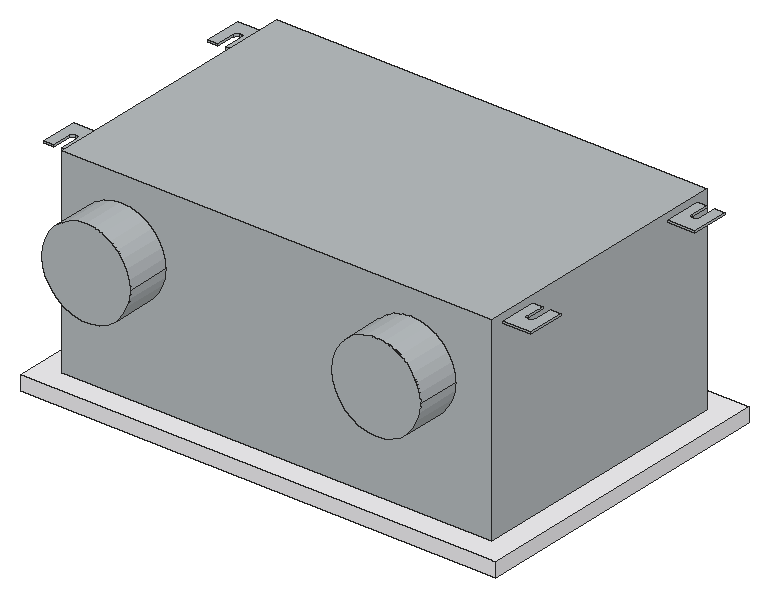
Revit family "sku-25_65ac_50Hz", category 機械設備, Revit 2019
Family settings
  丸型コネクタ寸法 = 直径を使用
  パーツ タイプ = 標準
  OmniClass 番号 = 23.75.10.34.21
  OmniClass タイトル = Heat Exchangers for Ventilation Air
  作業面ベース = いいえ
  常に垂直 = はい
  ロード時にボイドで切り取り = いいえ
  共有 = いいえ
  部屋計算ポイント = はい
Parameters (values of type "SKU-25AC")
  騒音レベル(dB(A)) = 33
  風量 = 250.0 m³/h
  面風速 = 3.93 m/s
  電源種別 [instance] = "一般"
  電圧 = 100 V
  電動機出力 = 0 W
  集中コントローラ = ""
  運転質量 = 0.00 kg
  連動 [instance] = ""
  質量 = if(製品質量 > 運転質量, 製品質量, 運転質量) * 1.2  # 16.80 kg
  負荷分類 = 3_ファン類
  説明 = "店舗用ロスナイ 全カセット形"
  設計風量 = 0.0 m³/h
  設置方法 = "カセット形"
  記号 [instance] = ""
  製造元 = "三菱電機株式会社"
  製品質量 = 14.00 kg
  製品出荷対象 = "国内"
  製品リリース年月 = "2003/5/1"
  製品グループ = ""
  系統 [instance] = ""
  符号 = "HEU"
  積算_科目 = "1 空気調和設備"
  積算_拾い区分 [instance] = ""
  相 = 1
  盤記号 [instance] = ""
  発停方法 [instance] = "別売スイッチ"
  特殊仕様 [instance] = ""
  火災停止 [instance] = ""
  温度交換効率 = 58.00%
  消費電力 = 83 W
  法定耐用年数 = "15"
  機外静圧_排気 = 0.0 Pa
  機外静圧 = 0.0 Pa
  構成部品 = "パネル"
  極数 = 2
  材質 [instance] = ""
  本体マテリアル = 溶融亜鉛めっき鋼板
  操作・制御方式 = ""
  操作・制御スイッチ = ""
  排気量 = 0.0 m³/h
  形式 = "カセット形"
  幹線記号 [instance] = ""
  対象室 [instance] = ""
  実風量 = 0.0 m³/h
  始動方式 [instance] = "直入"
  天吊金具_径 = 6.5 mm
  天吊金具_幅 = 30 mm
  外気量 = 0.0 m³/h
  呼称 = "全熱交換ユニット"
  周波数 = 50 Hz
  天吊金具ピッチ2 = 330 mm
  天吊金具ピッチ1 = 736 mm
  天吊金具_高さ = 10 mm
  参照している仕様書等のバージョン = ""
  初期抵抗 = 0.0 Pa
  分類コード = "50052504100080"
  分類グループ = ""
  価格 = 113000
  企業コード = "108420"
  付属品_フィルター_還気 = ""
  付属品_フィルター = ""
  付属品 [instance] = ""
  仕様書バージョン = "Version1.0"
  モデル = "SKU-25AC"
  パネルマテリアル = 樹脂成形
  コメント [instance] = ""
  Keynote = ""
  エンタルピ交換効率_暖房 = 44.00%
  エンタルピ交換効率_冷房 = 38.00%
  Assembly Code = ""
  Width = 690 mm
  Version = ""
  Uniclass2015Version = "Systems v1.9"
  Uniclass2015Title = "Thermal wheels"
  Uniclass2015Code = "Pr_60_60_36_88"
  URL = "https://www.mitsubishielectric.co.jp/ldg/wink/ssl/displayProduct.do?pid=42639"
  SpecificationReference = ""
  SpecificationDescription = ""
  Duct_W = 130 mm
  SAサイズ_D = 0 mm
  Revision = ""
  RAサイズ_D = 0 mm
  ProductInformation = ""
  OmniClassCode = "23-27 23 19 11"
  OAサイズ_W = 0 mm
  OAサイズ_D = 142 mm
  MIN風量 = 160.0 m³/h
  MIN静圧 = 0.0 Pa
  MAX風量 = 250.0 m³/h
  MAX静圧 = 0.0 Pa
  IfcTypeProduct = ""
  IfcProduct = ""
  IfcExportType = "ROTARYWHEEL"
  IfcExportAs = "IfcAirToAirHeatRecoveryType"
  Height = 318 mm
  EAサイズ_W = 0 mm
  EAサイズ_D = 142 mm
  Duct_Pitch = 465 mm
  Duct_Height = 111 mm
  Duct_Depth = 70 mm
  Depth = 430 mm
  Panel_Width = 763 mm
  Panel_Height = 23 mm
  Panel_Depth = 506 mm
  Author = "三菱電機株式会社"
Types (4, lengths in mm): name | 騒音レベル(dB(A)) | 風量 | 面風速 | 質量 | 製品質量 | 温度交換効率 | 消費電力 | 天吊金具ピッチ2 | 天吊金具ピッチ1 | 価格 | モデル | エンタルピ交換効率_暖房 | エンタルピ交換効率_冷房 | Width | URL | Duct_W | OAサイズ_D | MIN風量 | MAX風量 | Height | EAサイズ_D | Duct_Pitch | Duct_Height | Duct_Depth | Depth | Panel_Width | Panel_Depth
  SKU-25AC | 33 | 250.0 m³/h | 3.93 m/s | 16.80 kg | 14.00 kg | 58.00% | 83 W | 330 | 736 | 113000 | "SKU-25AC" | 44.00% | 38.00% | 690 | "https://www.mitsubishielectric.co.jp/ldg/wink/ssl/displayProduct.do?pid=42639" | 130 | 142 | 160.0 m³/h | 250.0 m³/h | 318 | 142 | 465 | 111 | 70 | 430 | 763 | 506
  SKU-35AC | 38 | 350.0 m³/h | 5.5 m/s | 17.40 kg | 14.50 kg | 51.00% | 110 W | 330 | 736 | 130000 | "SKU-35AC" | 37.00% | 31.00% | 690 | "https://www.mitsubishielectric.co.jp/ldg/wink/ssl/displayProduct.do?pid=42640" | 130 | 142 | 210.0 m³/h | 350.0 m³/h | 318 | 142 | 465 | 111 | 70 | 430 | 763 | 506
  SKU-50AC | 39 | 500.0 m³/h | 4.42 m/s | 29.40 kg | 24.50 kg | 56.00% | 163 W | 420 | 926 | 167000 | "SKU-50AC" | 43.00% | 36.00% | 880 | "https://www.mitsubishielectric.co.jp/ldg/wink/ssl/displayProduct.do?pid=42641" | 139 | 192 | 320.0 m³/h | 500.0 m³/h | 390 | 192 | 600 | 142 | 85 | 520 | 955 | 596
  SKU-65AC | 42 | 650.0 m³/h | 5.75 m/s | 29.40 kg | 24.50 kg | 53.00% | 209 W | 420 | 926 | 190000 | "SKU-65AC" | 39.00% | 33.00% | 880 | "https://www.mitsubishielectric.co.jp/ldg/wink/ssl/displayProduct.do?pid=42642" | 139 | 192 | 410.0 m³/h | 650.0 m³/h | 390 | 192 | 600 | 142 | 85 | 520 | 955 | 596
Reference planes
  plane 1 "中心(正面/背面)": y = 0
  plane 2: z = 0
  plane 3 "中心(左/右)": x = 0
  plane 4: x = -345
  plane 5: x = 345
  plane 6: y = 215
  plane 7: y = -215
  plane 8: z = 207
  plane 9: x = -250
  plane 10: x = 215
  plane 11: y = -285
  plane 12: x = -368
  plane 13: x = 368
  plane 14: y = 165
  plane 15: y = -165
  plane 16: y = 195
  plane 17: y = 135
  plane 18: y = -135
  plane 19: y = -195
  plane 20: z = 308
  plane 21: z = 305
  plane 22: x = -381.5
  plane 23: y = 253
  plane 24: y = -253
  plane 25: x = 381.5
  plane 26: z = -23
  plane 27: x = -390.5
  plane 28: x = 390.5
  plane 29: z = 318
Forms (mm)
  Extrusion 1, solid, material "溶融亜鉛めっき鋼板" <- "本体マテリアル", detail levels fine
    sketch origin (0, 0, 0) x (1, 0, 0) y (0, 1, 0)
      loop
        line (-345, 215) -> (-345, -215) -> (345, -215) -> (345, 215) -> (-345, 215)
    from 318 to 0
  Extrusion 2, solid, material "溶融亜鉛めっき鋼板" <- "本体マテリアル", detail levels fine
    sketch origin (510, -445, 0) x (-1, 0, 0) y (0, 0, -1)
      loop
        circle (295, -207) r 71
    from -230 to -160
  Extrusion 3, solid, material "溶融亜鉛めっき鋼板" <- "本体マテリアル", detail levels fine
    sketch origin (-510, -445, 0) x (1, 0, 0) y (0, 0, 1)
      loop
        circle (260, 207) r 71
    from -230 to -160
  Extrusion 4, solid, material "樹脂成形" <- "パネルマテリアル"
    sketch origin (0, 0, 0) x (1, 0, 0) y (0, 1, 0)
      loop
        line (-381.5, 253) -> (-381.5, -253) -> (381.5, -253) -> (381.5, 253) -> (-381.5, 253)
    from -23 to 0
  Extrusion 5, solid, material "溶融亜鉛めっき鋼板"
    sketch origin (0, 0, 0) x (1, 0, 0) y (0, 1, 0)
      loop
        line (-345, 195) -> (-390.5, 195) -> (-390.5, 135) -> (-374.5, 135) -> (-374.5, 165)
        arc (-374.5, 165) -> (-368, 171.5) -> (-361.5, 165) r 6.5
        line (-361.5, 165) -> (-361.5, 135) -> (-345, 135) -> (-345, 195)
    from 305 to 308
  Extrusion 6, solid, material "溶融亜鉛めっき鋼板"
    sketch origin (0, 0, 0) x (1, 0, 0) y (0, 1, 0)
      loop
        line (-345, -135) -> (-390.5, -135) -> (-390.5, -195) -> (-374.5, -195) -> (-374.5, -165)
        arc (-374.5, -165) -> (-368, -158.5) -> (-361.5, -165) r 6.5
        line (-361.5, -165) -> (-361.5, -195) -> (-345, -195) -> (-345, -135)
    from 305 to 308
  Extrusion 7, solid, material "溶融亜鉛めっき鋼板"
    sketch origin (0, 0, 0) x (-1, 0, 0) y (0, -1, 0)
      loop
        line (-345, 195) -> (-390.5, 195) -> (-390.5, 135) -> (-374.5, 135) -> (-374.5, 165)
        arc (-374.5, 165) -> (-368, 171.5) -> (-361.5, 165) r 6.5
        line (-361.5, 165) -> (-361.5, 135) -> (-345, 135) -> (-345, 195)
    from 305 to 308
  Extrusion 8, solid, material "溶融亜鉛めっき鋼板"
    sketch origin (0, 420, 0) x (-1, 0, 0) y (0, -1, 0)
      loop
        line (-345, 285) -> (-390.5, 285) -> (-390.5, 225) -> (-374.5, 225) -> (-374.5, 255)
        arc (-374.5, 255) -> (-368, 261.5) -> (-361.5, 255) r 6.5
        line (-361.5, 255) -> (-361.5, 225) -> (-345, 225) -> (-345, 285)
    from 305 to 308
Lines and regions (mm)
  Masking region 1, detail levels coarse+medium
    outline origin (1326.5, 29, 0) x (1, 0, 0) y (0, 1, 0)
      loop
        line (-1671.5, 186) -> (-1671.5, -244) -> (-981.5, -244) -> (-981.5, 186) -> (-1671.5, 186)
  symbolic lines, detail levels coarse+medium
    curve 1: line (0, 215, 0) -> (-345, 0, 0)
    curve 2: line (-345, 0, 0) -> (0, -215, 0)
    curve 3: line (0, -215, 0) -> (345, 0, 0)
    curve 4: line (345, 0, 0) -> (0, 215, 0)
Dimensions and locks
  equal spacing: plane 4, plane 3 "中心(左/右)", plane 5
  "Width": plane 4 to plane 5
  equal spacing: plane 6, plane 1 "中心(正面/背面)", plane 7
  "Depth": plane 6 to plane 7
  "Duct_Pitch": plane 10 to plane 9
  "Duct_Depth": plane 7 to plane 11
  equal spacing: plane 12, plane 3 "中心(左/右)", plane 13
  "天吊金具ピッチ1": plane 12 to plane 13
  equal spacing: plane 14, plane 1 "中心(正面/背面)", plane 15
  "天吊金具ピッチ2": plane 14 to plane 15
  equal spacing: plane 16, plane 14, plane 17
  locked: plane 20 to plane 21 at 3
  equal spacing: plane 23, plane 1 "中心(正面/背面)", plane 24
  "Panel_Depth": plane 23 to plane 24
  "Panel_Width": plane 22 to plane 25
  "Duct_W": plane 5 to plane 10
  equal spacing: plane 18, plane 15, plane 19
  "天吊金具_幅": plane 15 to plane 19
  "天吊金具_幅": plane 14 to plane 17
  locked: plane 27 to plane 12 at 22.5
  locked: plane 13 to plane 28 at 22.5
  "Height": plane 29 to level
  "天吊金具_高さ": plane 29 to plane 20
  "Duct_Height": plane 29 to plane 8
  "Panel_Height": level to plane 26
  equal spacing: plane 22, plane 3 "中心(左/右)", plane 25
  "EAサイズ_D": diameter of Extrusion 3 sketch curve
  "天吊金具_径": radius of Extrusion 5 sketch curve
  "天吊金具_径": radius of Extrusion 6 sketch curve
  "天吊金具_径": radius of Extrusion 7 sketch curve
  "天吊金具_径": radius of Extrusion 8 sketch curve
  "OAサイズ_D": diameter of Extrusion 2 sketch curve
  aligned and locked: level to plane 2
  aligned and locked: plane 7 to Extrusion 2
  aligned and locked: Extrusion 2 to plane 11
  aligned and locked: Masking region 1 to plane 4
  aligned and locked: plane 5 to Masking region 1
  aligned and locked: plane 6 to Masking region 1
  aligned and locked: Masking region 1 to plane 7
  aligned and locked: plane 13 to nested 1
  aligned and locked: plane 12 to nested 1
  aligned and locked: nested 1 to plane 15
  aligned and locked: plane 14 to nested 1
  aligned and locked: Extrusion 3 to plane 11
  aligned and locked: plane 7 to Extrusion 3
  aligned and locked: Extrusion 4 sketch curve to plane 23
  aligned and locked: plane 22 to Extrusion 4 sketch curve
  aligned and locked: plane 24 to Extrusion 4 sketch curve
  aligned and locked: Extrusion 4 sketch curve to plane 25
  aligned and locked: Extrusion 4 to plane 26
  aligned and locked: plane 4 to Extrusion 5 sketch curve
  aligned and locked: plane 16 to Extrusion 5 sketch curve
  aligned and locked: Extrusion 5 sketch curve to plane 27
  aligned and locked: Extrusion 5 sketch curve to plane 17  (x2)
  aligned and locked: plane 18 to Extrusion 6 sketch curve
  aligned and locked: plane 4 to Extrusion 6 sketch curve
  aligned and locked: Extrusion 6 sketch curve to plane 27
  aligned and locked: Extrusion 6 sketch curve to plane 19  (x2)
  aligned and locked: Extrusion 7 sketch curve to plane 19
  aligned and locked: Extrusion 7 sketch curve to plane 5
  aligned and locked: Extrusion 7 sketch curve to plane 28
  aligned and locked: Extrusion 8 sketch curve to plane 28
  aligned and locked: Extrusion 8 sketch curve to plane 17
  aligned and locked: Extrusion 8 sketch curve to plane 5
  aligned and locked: plane 16 to Extrusion 8 sketch curve  (x2)
  aligned and locked: Extrusion 6 to plane 21
  aligned and locked: plane 20 to Extrusion 6
  aligned and locked: Extrusion 5 to plane 21
  aligned and locked: plane 20 to Extrusion 5
  aligned and locked: Extrusion 7 to plane 21
  aligned and locked: plane 20 to Extrusion 7
  aligned and locked: Extrusion 8 to plane 21
  aligned and locked: plane 20 to Extrusion 8
  aligned and locked: Extrusion 1 to plane 29
  aligned and locked: Extrusion 1 to level
  aligned and locked: level to Extrusion 4
Automatic sketch dimensions
  plane 1 "中心(正面/背面)" to curve 1 = 0 mm
  curve 1 to plane 4 = 0 mm
  curve 2 to plane 3 "中心(左/右)" = 0 mm
  curve 4 to plane 3 "中心(左/右)" = 0 mm
  plane 1 "中心(正面/背面)" to curve 4 = 0 mm
  curve 4 to plane 5 = 0 mm
  curve 2 to plane 7 = 0 mm
  curve 4 to plane 6 = 0 mm
  Extrusion 1 sketch curve to plane 4 = 0 mm
  Extrusion 1 sketch curve to plane 5 = 0 mm
  Extrusion 1 sketch curve to plane 7 = 0 mm
  Extrusion 1 sketch curve to plane 6 = 0 mm
  Extrusion 2 sketch curve to plane 8 = 0 mm
  Extrusion 2 sketch curve to plane 10 = 0 mm
  Masking region 1 sketch curve to plane 4 = 0 mm
  Masking region 1 sketch curve to plane 5 = 0 mm
  Masking region 1 sketch curve to plane 7 = 0 mm
  Masking region 1 sketch curve to plane 6 = 0 mm
  Extrusion 5 sketch curve to plane 14 = 0 mm
  Extrusion 5 sketch curve to plane 12 = 0 mm
  Extrusion 6 sketch curve to plane 15 = 0 mm
  Extrusion 6 sketch curve to plane 12 = 0 mm
  Extrusion 7 sketch curve to plane 18 = 0 mm  (x2)
  Extrusion 7 sketch curve to plane 15 = 0 mm
  Extrusion 7 sketch curve to plane 13 = 0 mm
  Extrusion 8 sketch curve to plane 14 = 0 mm
  Extrusion 8 sketch curve to plane 13 = 0 mm
  Extrusion 3 sketch curve to plane 8 = 0 mm
  Extrusion 3 sketch curve to plane 9 = 0 mm
Nested families
  nested 1: "固定点" at (-368, -165, 0), type "固定点"
    with W 736 mm, D 330 mm
Connectors
  hvac at (215, -285, 207), driven by "OAサイズ_D", driven by "機外静圧", driven by "風量"
    settings: on Extrusion 2, index 2, duct flow 250.0 m³/h, flow factor 0, pres drop 0.0 Pa, loss coef 0, conn angle 0.00°, conn width 304.8 mm, conn height 304.8 mm, conn diameter 142 mm, duct sys type 4, conn prof type 0, flow config 0, flow direction 1, loss method 4, conn ref index -1, conn util no, is conn primary no, conn desc ""
  hvac at (-250, -285, 207), driven by "EAサイズ_D", driven by "風量", driven by "機外静圧"
    settings: on Extrusion 3, index 10, duct flow 250.0 m³/h, flow factor 0, pres drop 0.0 Pa, loss coef 0, conn angle 0.00°, conn width 304.8 mm, conn height 304.8 mm, conn diameter 142 mm, duct sys type 3, conn prof type 0, flow config 0, flow direction 2, loss method 4, conn ref index -1, conn util no, is conn primary yes, conn desc ""
  electrical at (0, 0, 318), driven by "極数", driven by "負荷分類", driven by "電圧", driven by "消費電力"
    settings: on Extrusion 1, index 11, voltage 100 V, apparent load 83 VA, apparent load phase1 0 VA, apparent load phase2 0 VA, apparent load phase3 0 VA, power factor 1, load classification "3_ファン類", number of poles 2, system type 30, power factor state 1, is connector primary yes, connector utility no, sub classification motor no, connector description ""
Definition of nested family "固定点"
  Parameters (values of type "固定点")
    中心円 = 20 mm
    W [instance] = 1000 mm
    D [instance] = 1000 mm
  Reference planes
    plane 1 "中心(正面/背面)": y = 0
    plane 2: z = 0
    plane 3 "中心(左/右)": x = 0
    plane 4: x = 1000
    plane 5: y = 1000
  Lines and regions (mm)
    symbolic lines, detail levels fine
      curve 1: circle (0, 1000, 0) r 10 normal (0, 0, 1)
      curve 2: circle (0, 0, 0) r 10 normal (0, 0, 1)
      curve 3: circle (1000, 1000, 0) r 10 normal (0, 0, 1)
      curve 4: circle (1000, 0, 0) r 10 normal (0, 0, 1)
      curve 5: line (-200, 1000, 0) -> (1200, 1000, 0)
      curve 6: line (-200, 0, 0) -> (1200, 0, 0)
      curve 7: line (0, 1200, 0) -> (0, -200, 0)
      curve 8: line (1000, 1200, 0) -> (1000, -200, 0)
  Dimensions and locks
    "W": plane 3 "中心(左/右)" to plane 4
    "D": plane 1 "中心(正面/背面)" to plane 5
    "中心円": diameter of curve 1
    "中心円": diameter of curve 2
    "中心円": diameter of curve 3
    "中心円": diameter of curve 4
    aligned and locked: level to plane 2
    aligned and locked: plane 5 to curve 1
    aligned and locked: plane 3 "中心(左/右)" to curve 1
    aligned and locked: plane 3 "中心(左/右)" to curve 2
    aligned and locked: plane 1 "中心(正面/背面)" to curve 2
    aligned and locked: plane 4 to curve 3
    aligned and locked: plane 5 to curve 3
    aligned and locked: plane 1 "中心(正面/背面)" to curve 4
    aligned and locked: plane 4 to curve 4
    aligned and locked: plane 1 "中心(正面/背面)" to curve 6
    aligned and locked: curve 7 to plane 3 "中心(左/右)"
    aligned and locked: curve 8 to plane 4
  Automatic sketch dimensions
    curve 5 to plane 5 = 0 mm
    curve 6 to plane 3 "中心(左/右)" = 200 mm
    curve 5 to plane 3 "中心(左/右)" = 200 mm
    curve 4 to curve 6 = 200 mm
    curve 3 to curve 5 = 200 mm
    plane 1 "中心(正面/背面)" to curve 8 = 200 mm
    plane 1 "中心(正面/背面)" to curve 7 = 200 mm
    curve 3 to curve 8 = 200 mm
    curve 1 to curve 7 = 200 mm
